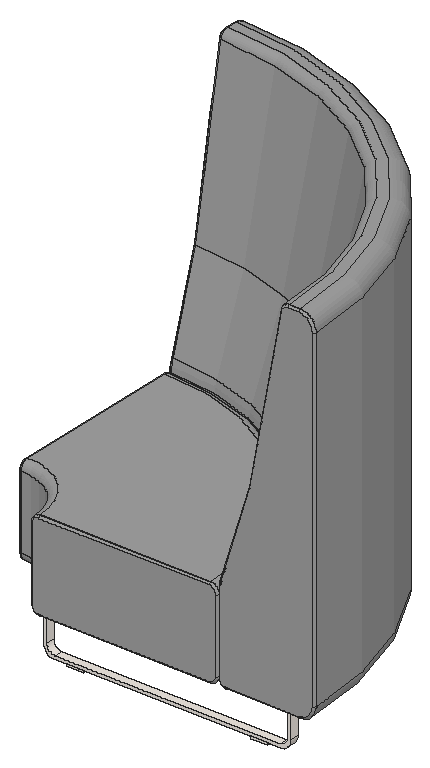
Revit family "Haworth_Riverbend_ConcaveBench90_AP_PRELIMINARY", category Furniture, Revit 2018 (continued)
Definition of nested family "Haworth_Riverbend_ConcaveBench90_Back-PART"
  Reference planes
    plane 64: y = -769.906
    plane 65: y = 146.181
    plane 66: y = -72.874
    plane 67: y = 146.181
  Forms (mm)
    Blend 1, solid, material <- "Back Upholstery Finish", visible <- "Mid Back"
      base sketch origin (-844.55, 366.279, -169.305) x (0, -1, 0) y (0, 0, 1)
        loop
          arc (270.098, 978.505) -> (219.328, 957.475) -> (198.298, 906.705) r 71.8
          line (198.298, 906.705) -> (198.298, 400.655)
          arc (198.298, 400.655) -> (212.123, 367.28) -> (245.498, 353.455) r 47.2
          line (245.498, 353.455) -> (465.714, 353.455)
          arc (465.714, 353.455) -> (483.674, 360.895) -> (491.114, 378.855) r 25.4
          line (491.114, 378.855) -> (491.114, 617.447)
          arc (491.114, 617.447) -> (488.857, 636.186) -> (484.326, 654.509) r 154.13
          line (484.326, 654.509) -> (400.608, 960.356)
          arc (400.608, 960.356) -> (378.416, 973.815) -> (352.89, 978.505) r 71.806
          line (352.89, 978.505) -> (270.098, 978.505)
      top sketch origin (-844.55, 366.279, -169.305) x (0, -1, 0) y (0, 0, 1)
        loop
          line (352.89, 972.155) -> (270.098, 972.155)
          arc (270.098, 972.155) -> (223.818, 952.985) -> (204.648, 906.705) r 65.45
          line (204.648, 906.705) -> (204.648, 400.655)
          arc (204.648, 400.655) -> (216.613, 371.77) -> (245.498, 359.805) r 40.85
          line (245.498, 359.805) -> (467.535, 359.805)
          arc (467.535, 359.805) -> (481.006, 365.385) -> (486.585, 378.855) r 19.05
          line (486.585, 378.855) -> (486.585, 626.065) -> (394.549, 957.187)
          arc (394.549, 957.187) -> (375.023, 968.3) -> (352.89, 972.155) r 65.456
      from -329.618 to -323.268
    Blend 2, solid, material <- "Back Upholstery Finish", visible <- "High Back"
      base sketch origin (-1550.81, 410.729, -169.305) x (0, -1, 0) y (0, 0, 1)
        loop
          line (242.748, 1412.935) -> (242.748, 400.655)
          arc (242.748, 400.655) -> (256.573, 367.28) -> (289.948, 353.455) r 47.2
          line (289.948, 353.455) -> (510.164, 353.455)
          arc (510.164, 353.455) -> (528.124, 360.895) -> (535.564, 378.855) r 25.4
          line (535.564, 378.855) -> (535.564, 617.447)
          arc (535.564, 617.447) -> (533.307, 636.186) -> (528.776, 654.509) r 154.13
          line (528.776, 654.509) -> (443.782, 925.723) -> (348.261, 1439.973)
          arc (348.261, 1439.973) -> (339.243, 1455.141) -> (322.636, 1461.105) r 26.102
          line (322.636, 1461.105) -> (290.918, 1461.105)
          arc (290.918, 1461.105) -> (256.857, 1446.996) -> (242.748, 1412.935) r 48.17
      top sketch origin (-1550.81, 410.729, -169.305) x (0, -1, 0) y (0, 0, 1)
        loop
          arc (290.918, 1454.755) -> (261.347, 1442.506) -> (249.098, 1412.935) r 41.82
          line (249.098, 1412.935) -> (249.098, 400.655)
          arc (249.098, 400.655) -> (261.063, 371.77) -> (289.948, 359.805) r 40.85
          line (289.948, 359.805) -> (511.985, 359.805)
          arc (511.985, 359.805) -> (525.456, 365.385) -> (531.035, 378.855) r 19.05
          line (531.035, 378.855) -> (531.035, 626.065) -> (437.616, 924.164) -> (342.027, 1438.764)
          arc (342.027, 1438.764) -> (335.203, 1450.242) -> (322.636, 1454.755) r 19.752
          line (322.636, 1454.755) -> (290.918, 1454.755)
      from -1035.878 to -1029.528
    Revolve 3, solid, material <- "Back Upholstery Finish", visible <- "Mid Back"
      sketch origin (-514.932, 0, 0) x (0, 1, 0) y (0, 0, 1)
        loop
          arc (167.981, 737.4) -> (146.951, 788.17) -> (96.181, 809.2) r 71.8
          line (96.181, 809.2) -> (13.389, 809.2)
          arc (13.389, 809.2) -> (-12.138, 804.51) -> (-34.329, 791.051) r 71.806
          line (-34.329, 791.051) -> (-118.047, 485.204)
          arc (-118.047, 485.204) -> (-122.578, 466.881) -> (-124.835, 448.142) r 154.13
          line (-124.835, 448.142) -> (-124.835, 209.55)
          arc (-124.835, 209.55) -> (-117.396, 191.589) -> (-99.435, 184.15) r 25.4
          line (-99.435, 184.15) -> (120.781, 184.15)
          arc (120.781, 184.15) -> (154.156, 197.975) -> (167.981, 231.35) r 47.2
          line (167.981, 231.35) -> (167.981, 737.4)
        axis (-863.469, 809.2) -> (-863.469, 184.15)
      angle from 0 to -90
    Blend 4, solid, material <- "Back Upholstery Finish", visible <- "Mid Back"
      base sketch origin (714.816, -1193.087, -169.305) x (-1, 0, 0) y (0, 0, -1)
        loop
          line (270.098, -978.505) -> (352.89, -978.505)
          arc (352.89, -978.505) -> (378.416, -973.815) -> (400.608, -960.356) r 71.806
          line (400.608, -960.356) -> (484.326, -654.509)
          arc (484.326, -654.509) -> (488.857, -636.186) -> (491.114, -617.447) r 154.13
          line (491.114, -617.447) -> (491.114, -378.855)
          arc (491.114, -378.855) -> (483.674, -360.895) -> (465.714, -353.455) r 25.4
          line (465.714, -353.455) -> (245.498, -353.455)
          arc (245.498, -353.455) -> (212.123, -367.28) -> (198.298, -400.655) r 47.2
          line (198.298, -400.655) -> (198.298, -906.705)
          arc (198.298, -906.705) -> (219.328, -957.475) -> (270.098, -978.505) r 71.8
      top sketch origin (714.816, -1193.087, -169.305) x (-1, 0, 0) y (0, 0, -1)
        loop
          arc (352.89, -972.155) -> (375.023, -968.3) -> (394.549, -957.187) r 65.456
          line (394.549, -957.187) -> (486.585, -626.065) -> (486.585, -378.855)
          arc (486.585, -378.855) -> (481.006, -365.385) -> (467.535, -359.805) r 19.05
          line (467.535, -359.805) -> (245.498, -359.805)
          arc (245.498, -359.805) -> (216.613, -371.77) -> (204.648, -400.655) r 40.85
          line (204.648, -400.655) -> (204.648, -906.705)
          arc (204.648, -906.705) -> (223.818, -952.985) -> (270.098, -972.155) r 65.45
          line (270.098, -972.155) -> (352.89, -972.155)
      from -329.618 to -323.268
    Revolve 5, solid, material <- "Back Upholstery Finish", visible <- "High Back"
      sketch origin (-514.932, 0, 0) x (0, 1, 0) y (0, 0, 1)
        loop
          arc (167.981, 1243.63) -> (153.872, 1277.691) -> (119.811, 1291.8) r 48.17
          line (119.811, 1291.8) -> (88.093, 1291.8)
          arc (88.093, 1291.8) -> (71.486, 1285.836) -> (62.468, 1270.668) r 26.102
          line (62.468, 1270.668) -> (-33.054, 756.418) -> (-118.047, 485.204)
          arc (-118.047, 485.204) -> (-122.578, 466.881) -> (-124.835, 448.142) r 154.13
          line (-124.835, 448.142) -> (-124.835, 209.55)
          arc (-124.835, 209.55) -> (-117.396, 191.589) -> (-99.435, 184.15) r 25.4
          line (-99.435, 184.15) -> (120.781, 184.15)
          arc (120.781, 184.15) -> (154.156, 197.975) -> (167.981, 231.35) r 47.2
          line (167.981, 231.35) -> (167.981, 1243.63)
        axis (-863.469, 1291.8) -> (-863.469, 184.15)
      angle from 0 to -90
    Blend 6, solid, material <- "Back Upholstery Finish", visible <- "High Back"
      base sketch origin (759.266, -1899.347, -169.305) x (-1, 0, 0) y (0, 0, -1)
        loop
          arc (242.748, -1412.935) -> (256.857, -1446.996) -> (290.918, -1461.105) r 48.17
          line (290.918, -1461.105) -> (322.636, -1461.105)
          arc (322.636, -1461.105) -> (339.243, -1455.141) -> (348.261, -1439.973) r 26.102
          line (348.261, -1439.973) -> (443.782, -925.723) -> (528.776, -654.509)
          arc (528.776, -654.509) -> (533.307, -636.186) -> (535.564, -617.447) r 154.13
          line (535.564, -617.447) -> (535.564, -378.855)
          arc (535.564, -378.855) -> (528.124, -360.895) -> (510.164, -353.455) r 25.4
          line (510.164, -353.455) -> (289.948, -353.455)
          arc (289.948, -353.455) -> (256.573, -367.28) -> (242.748, -400.655) r 47.2
          line (242.748, -400.655) -> (242.748, -1412.935)
      top sketch origin (759.266, -1899.347, -169.305) x (-1, 0, 0) y (0, 0, -1)
        loop
          line (290.918, -1454.755) -> (322.636, -1454.755)
          arc (322.636, -1454.755) -> (335.203, -1450.242) -> (342.027, -1438.764) r 19.752
          line (342.027, -1438.764) -> (437.616, -924.164) -> (531.035, -626.065) -> (531.035, -378.855)
          arc (531.035, -378.855) -> (525.456, -365.385) -> (511.985, -359.805) r 19.05
          line (511.985, -359.805) -> (289.948, -359.805)
          arc (289.948, -359.805) -> (261.063, -371.77) -> (249.098, -400.655) r 40.85
          line (249.098, -400.655) -> (249.098, -1412.935)
          arc (249.098, -1412.935) -> (261.347, -1442.506) -> (290.918, -1454.755) r 41.82
      from -1035.878 to -1029.528
  Lines and regions (mm)
    Masking region 1
      outline origin (0, 0, 457.2) x (-1, 0, 0) y (0, -1, 0)
        loop
          line (-223.675, 869.819) -> (-516.498, 869.819)
          arc (-516.498, 869.819) -> (-212.54, 135.998) -> (521.282, -167.961) r 1037.78
          line (521.282, -167.961) -> (521.282, 124.863)
          arc (521.282, 124.863) -> (-7.361, 341.176) -> (-223.675, 869.819) r 738.634
    symbolic lines, visible <- "Symbolic Line Controller", detail levels medium+fine
      curve 1: arc (223.702, -863.469, 457.2) -> (7.361, -341.176, 457.2) -> (-514.932, -124.835, 457.2) r 738.634
  Dimensions and locks
    "Actual Width": plane 4 "Left" to plane 5 "Right"
    locked: plane 8 "Top" to plane 9 "Top - Bottom of Chamfer Edge" at 6.35
    locked: plane 11 "Bottom - Top of Chamfer Edge" to plane 10 "Frame Bottom" at 6.35
    plane 8 "Top" to plane 10 "Frame Bottom" = 273.05 mm
    "Actual Height": plane 8 "Top" to plane 2 "Bottom"
    plane 8 "Top" to plane 2 "Bottom" = 457.2 mm
    "Width Straight Edge": plane 16 "Bench Frame - Inner Concave Tangent Edge No 2" to plane 18 "Bench Frame - Outer Concave Tangent Edge No 2"
    "Width Straight Edge": plane 17 "Bench Frame - Outer Concave Tangent Edge No 1" to plane 15 "Bench Frame - Inner Concave Tangent Edge No 1"
    equal spacing: plane 17 "Bench Frame - Outer Concave Tangent Edge No 1", plane 19 "Bench Frame - Center Side No 1", plane 15 "Bench Frame - Inner Concave Tangent Edge No 1"
    equal spacing: plane 16 "Bench Frame - Inner Concave Tangent Edge No 2", plane 20 "Bench Frame - Center Side No 2", plane 18 "Bench Frame - Outer Concave Tangent Edge No 2"
    plane 15 "Bench Frame - Inner Concave Tangent Edge No 1" to plane 21 "Bench Frame - Straight Edge No 2" = 177.8 mm
    plane 22 "Bench Frame - Straight Edge No 1" to plane 16 "Bench Frame - Inner Concave Tangent Edge No 2" = 177.8 mm
    plane 22 "Bench Frame - Straight Edge No 1" to plane 30 "Left - Top of Chamfer Edge" = 6.35 mm
    plane 31 "Right - Top of Chamfer Edge" to plane 21 "Bench Frame - Straight Edge No 2" = 6.35 mm
    plane 24 "Center Leg - Back of Leg Bracket" to plane 28 "Center Leg - Front of Leg Bracket" = 342.9 mm
    plane 16 "Bench Frame - Inner Concave Tangent Edge No 2" to plane 18 "Bench Frame - Outer Concave Tangent Edge No 2" = 860 mm
    aligned and locked: plane 30 "Left - Top of Chamfer Edge" to Blend 1
    aligned and locked: Blend 1 to plane 22 "Bench Frame - Straight Edge No 1"
    aligned and locked: plane 30 "Left - Top of Chamfer Edge" to Blend 2
  Automatic sketch dimensions
    Blend 2 sketch curve to plane 17 "Bench Frame - Outer Concave Tangent Edge No 1" = 0 mm
    Blend 2 sketch curve to plane 10 "Frame Bottom" = 0 mm
    plane 11 "Bottom - Top of Chamfer Edge" to Blend 2 sketch curve = 40.85 mm
    plane 23 "Left Leg - Back of Leg Bracket" to Blend 2 sketch curve = 18.477 mm  (x2)
    plane 38 to Blend 2 sketch curve = 3.716 mm  (x2)
    Blend 2 sketch curve to plane 35 = 21.459 mm
    plane 36 to Blend 2 sketch curve = 2.379 mm
    plane 37 to Blend 2 sketch curve = 13.663 mm
    Blend 2 sketch curve to plane 66 = 26.561 mm
    plane 8 "Top" to Blend 2 sketch curve = 28.004 mm
    Blend 2 sketch curve to plane 66 = 45.173 mm
    plane 10 "Frame Bottom" to Blend 2 sketch curve = 25.4 mm
    Blend 2 sketch curve to plane 9 "Top - Bottom of Chamfer Edge" = 11.737 mm
    Blend 2 sketch curve to Blend 2 sketch curve = 271.214 mm
    Blend 2 sketch curve to Blend 2 sketch curve = 487.212 mm
    Blend 2 sketch curve to Blend 2 sketch curve = 26.102 mm
    Blend 2 sketch curve to plane 11 "Bottom - Top of Chamfer Edge" = 0 mm
    Blend 2 sketch curve to plane 17 "Bench Frame - Outer Concave Tangent Edge No 1" = 6.35 mm
    plane 23 "Left Leg - Back of Leg Bracket" to Blend 2 sketch curve = 19.447 mm
    Blend 2 sketch curve to Blend 2 sketch curve = 19.391 mm
    plane 37 to Blend 2 sketch curve = 7.497 mm
    Blend 2 sketch curve to plane 66 = 28.383 mm
    Blend 2 sketch curve to plane 8 "Top" = 0.441 mm
    Blend 2 sketch curve to plane 66 = 47.433 mm
    plane 8 "Top" to Blend 2 sketch curve = 297.659 mm
    Blend 2 sketch curve to Blend 2 sketch curve = 488.771 mm
    Blend 2 sketch curve to Blend 2 sketch curve = 19.752 mm
    Revolve 5 sketch curve to plane 31 "Right - Top of Chamfer Edge" = 0 mm
    Revolve 5 sketch curve to plane 10 "Frame Bottom" = 0 mm
    Revolve 5 sketch curve to plane 17 "Bench Frame - Outer Concave Tangent Edge No 1" = 0 mm
    plane 11 "Bottom - Top of Chamfer Edge" to Revolve 5 sketch curve = 19.05 mm
    Revolve 5 sketch curve to plane 66 = 51.961 mm
    plane 8 "Top" to Revolve 5 sketch curve = 28.004 mm
    Revolve 5 sketch curve to Revolve 5 sketch curve = 6.788 mm
    plane 37 to Revolve 5 sketch curve = 13.663 mm
    plane 36 to Revolve 5 sketch curve = 2.379 mm
    Revolve 5 sketch curve to plane 35 = 21.459 mm
    plane 38 to Revolve 5 sketch curve = 3.716 mm
    plane 23 "Left Leg - Back of Leg Bracket" to Revolve 5 sketch curve = 18.477 mm
    plane 23 "Left Leg - Back of Leg Bracket" to Revolve 5 sketch curve = 19.447 mm
    Revolve 5 sketch curve to plane 9 "Top - Bottom of Chamfer Edge" = 11.737 mm
    Revolve 5 sketch curve to Revolve 5 sketch curve = 271.214 mm
    Revolve 5 sketch curve to Revolve 5 sketch curve = 487.212 mm
    Revolve 5 sketch curve to Revolve 5 sketch curve = 26.102 mm
    plane 8 "Top" to Revolve 5 sketch curve = 425.45 mm
    Revolve 5 sketch curve to Revolve 5 sketch curve = 88.9 mm
    Blend 6 sketch curve to plane 18 "Bench Frame - Outer Concave Tangent Edge No 2" = 0 mm
    Blend 6 sketch curve to plane 10 "Frame Bottom" = 0 mm
    plane 11 "Bottom - Top of Chamfer Edge" to Blend 6 sketch curve = 40.85 mm
    plane 25 "Right Leg - Back of Leg Bracket" to Blend 6 sketch curve = 18.477 mm  (x2)
    plane 57 to Blend 6 sketch curve = 3.716 mm  (x2)
    Blend 6 sketch curve to plane 56 = 21.459 mm
    plane 55 to Blend 6 sketch curve = 2.379 mm
    plane 54 to Blend 6 sketch curve = 13.663 mm
    plane 54 to Blend 6 sketch curve = 80.044 mm
    plane 8 "Top" to Blend 6 sketch curve = 28.004 mm
    plane 54 to Blend 6 sketch curve = 98.656 mm
    Blend 6 sketch curve to Blend 6 sketch curve = 25.4 mm
    Blend 6 sketch curve to Blend 6 sketch curve = 271.214 mm
    Blend 6 sketch curve to Blend 6 sketch curve = 487.212 mm
    Blend 6 sketch curve to Blend 6 sketch curve = 26.102 mm
    Blend 6 sketch curve to plane 9 "Top - Bottom of Chamfer Edge" = 2.708 mm
    Blend 6 sketch curve to plane 11 "Bottom - Top of Chamfer Edge" = 0 mm
    Blend 6 sketch curve to plane 18 "Bench Frame - Outer Concave Tangent Edge No 2" = 6.35 mm
    plane 25 "Right Leg - Back of Leg Bracket" to Blend 6 sketch curve = 19.447 mm
    Blend 6 sketch curve to Blend 6 sketch curve = 19.391 mm
    plane 54 to Blend 6 sketch curve = 7.497 mm
    plane 54 to Blend 6 sketch curve = 81.865 mm
    Blend 6 sketch curve to plane 8 "Top" = 0.441 mm
    plane 54 to Blend 6 sketch curve = 100.915 mm
    plane 8 "Top" to Blend 6 sketch curve = 297.659 mm
    Blend 6 sketch curve to Blend 6 sketch curve = 488.771 mm
    Blend 6 sketch curve to Blend 6 sketch curve = 19.752 mm
    plane 54 to curve 1 = 105.444 mm
    Blend 4 sketch curve to plane 18 "Bench Frame - Outer Concave Tangent Edge No 2" = 0 mm
    Blend 4 sketch curve to plane 10 "Frame Bottom" = 0 mm
    plane 25 "Right Leg - Back of Leg Bracket" to Blend 4 sketch curve = 19.447 mm  (x2)
    Blend 4 sketch curve to plane 57 = 4.372 mm  (x2)
    plane 55 to Blend 4 sketch curve = 2.379 mm
    plane 54 to Blend 4 sketch curve = 80.044 mm
    plane 8 "Top" to Blend 4 sketch curve = 28.004 mm
    plane 54 to Blend 4 sketch curve = 98.656 mm
    plane 10 "Frame Bottom" to Blend 4 sketch curve = 25.4 mm
    plane 8 "Top" to Blend 4 sketch curve = 280.194 mm  (x2)
    Blend 4 sketch curve to Blend 4 sketch curve = 0.006 mm  (x2)
    Blend 4 sketch curve to plane 9 "Top - Bottom of Chamfer Edge" = 2.708 mm
    plane 54 to Blend 4 sketch curve = 14.938 mm
    Blend 4 sketch curve to plane 54 = 32.78 mm  (x2)
    Blend 4 sketch curve to plane 18 "Bench Frame - Outer Concave Tangent Edge No 2" = 6.35 mm
    plane 11 "Bottom - Top of Chamfer Edge" to Blend 4 sketch curve = 19.05 mm
    plane 54 to Blend 4 sketch curve = 81.865 mm
    Blend 4 sketch curve to plane 8 "Top" = 0.441 mm
    plane 54 to Blend 4 sketch curve = 8.879 mm
    Revolve 3 sketch curve to plane 31 "Right - Top of Chamfer Edge" = 0 mm
    Revolve 3 sketch curve to plane 10 "Frame Bottom" = 0 mm
    Revolve 3 sketch curve to plane 17 "Bench Frame - Outer Concave Tangent Edge No 1" = 0 mm
    Revolve 3 sketch curve to plane 9 "Top - Bottom of Chamfer Edge" = 2.708 mm
    Revolve 3 sketch curve to plane 66 = 51.961 mm
    plane 8 "Top" to Revolve 3 sketch curve = 28.004 mm
    Revolve 3 sketch curve to Revolve 3 sketch curve = 6.788 mm
    plane 11 "Bottom - Top of Chamfer Edge" to Revolve 3 sketch curve = 19.05 mm
    plane 36 to Revolve 3 sketch curve = 2.379 mm
    Revolve 3 sketch curve to plane 38 = 4.372 mm
    plane 11 "Bottom - Top of Chamfer Edge" to Revolve 3 sketch curve = 40.85 mm
    plane 8 "Top" to Revolve 3 sketch curve = 280.194 mm
    Revolve 3 sketch curve to Revolve 3 sketch curve = 0.006 mm
    plane 37 to Revolve 3 sketch curve = 14.938 mm
    plane 8 "Top" to Revolve 3 sketch curve = 12.7 mm
    Revolve 3 sketch curve to Revolve 3 sketch curve = 44.45 mm
    plane 35 to Revolve 3 sketch curve = 27.62 mm
    Blend 1 sketch curve to plane 17 "Bench Frame - Outer Concave Tangent Edge No 1" = 0 mm
    Blend 1 sketch curve to plane 10 "Frame Bottom" = 0 mm
    plane 23 "Left Leg - Back of Leg Bracket" to Blend 1 sketch curve = 19.447 mm
    Blend 1 sketch curve to plane 38 = 4.372 mm  (x2)
    plane 36 to Blend 1 sketch curve = 2.379 mm
    Blend 1 sketch curve to plane 66 = 26.561 mm
    Blend 1 sketch curve to plane 66 = 45.173 mm
    plane 10 "Frame Bottom" to Blend 1 sketch curve = 25.4 mm
    Blend 1 sketch curve to plane 9 "Top - Bottom of Chamfer Edge" = 11.737 mm
    Blend 1 sketch curve to plane 9 "Top - Bottom of Chamfer Edge" = 2.708 mm
    plane 8 "Top" to Blend 1 sketch curve = 280.194 mm  (x2)
    Blend 1 sketch curve to Blend 1 sketch curve = 0.006 mm  (x2)
    plane 37 to Blend 1 sketch curve = 14.938 mm
    plane 35 to Blend 1 sketch curve = 27.62 mm  (x2)
    Blend 1 sketch curve to plane 11 "Bottom - Top of Chamfer Edge" = 0 mm
    Blend 1 sketch curve to plane 17 "Bench Frame - Outer Concave Tangent Edge No 1" = 6.35 mm
    Blend 1 sketch curve to Blend 1 sketch curve = 40.85 mm
    Blend 1 sketch curve to plane 66 = 28.383 mm
    Blend 1 sketch curve to plane 8 "Top" = 0.441 mm
    Blend 1 sketch curve to plane 66 = 47.433 mm
    plane 37 to Blend 1 sketch curve = 8.879 mm
    curve 1 to plane 30 "Left - Top of Chamfer Edge" = 0 mm
    curve 1 to plane 31 "Right - Top of Chamfer Edge" = 0 mm
    Masking region 1 sketch curve to plane 21 "Bench Frame - Straight Edge No 2" = 0 mm
    plane 3 "Center L/R" to Masking region 1 sketch curve = 0 mm
    Masking region 1 sketch curve to plane 30 "Left - Top of Chamfer Edge" = 0 mm
    Masking region 1 sketch curve to plane 22 "Bench Frame - Straight Edge No 1" = 0 mm
    plane 54 to Masking region 1 sketch curve = 105.471 mm
    Masking region 1 sketch curve to plane 17 "Bench Frame - Outer Concave Tangent Edge No 1" = 0.02 mm
    Blend 4 sketch curve to plane 11 "Bottom - Top of Chamfer Edge" = 0 mm
Definition of nested family "Haworth_Riverbend_ConcaveBench90_Large_Seat-PART"
  Parameters (values of type "Large Seat - PART")
    Width Straight Edge = 900 mm  # constant formula
    Warranty = "http://www.haworth.com/resources/product-info/warranties"
    URL - Product = "http://www.haworth.com/products/seating/sofas/riverbend-pebble"
    Trim Finish [instance] = none
    Symbolic Line Controller = not(No Back)  # no
    Seat Upholstery Finish [instance] = none
    No Back = yes
    Mid Back = yes
    Model = "Haworth - Riverbend"  # constant formula
    High Back = yes
    Description = "Haworth - Riverbend - Concave Bench 90 Degree - Seat - PART"  # constant formula
    URL = "http://www.haworth.com"
    Size = "Verify Final Dim. w/ Haworth"  # constant formula
    Revision Number = "1"  # constant formula
    Manufacturer = "Haworth"  # constant formula
    Depth = 838.2 mm  # constant formula
    Back Upholstery Finish [instance] = none
    Author = "Haworth (Bentzen, Abd Rahman)"  # constant formula
    Assembly Code = "E2020200"
    Actual Width = 1430 mm  # constant formula
    Actual Height = 457.2 mm
  Reference planes
    plane 1 "Center F/B": through (-202.604, -339.808, 0) normal (-0.7071, -0.7071, 0)
    plane 2 "Bottom": z = 0
    plane 3 "Center L/R": through (55.102, -293.435, 0) normal (0.7071, -0.7071, 0)
    plane 4 "Left": through (-1165.05, -503.938, 1219.2) normal (-0.7071, 0.7071, 0)
    plane 5 "Right": through (1245.903, -115.309, 1219.2) normal (0.7071, -0.7071, 0)
    plane 6 "Frame Back": through (-736.346, 786.631, 1219.2) normal (0.7071, 0.7071, 0)
    plane 7 "Chair Front": through (-1384.552, 177.6, 1219.2) normal (0.7071, 0.7071, 0)
    plane 8 "Top": z = 457.2
    plane 9 "Top - Bottom of Chamfer Edge": z = 450.85
    plane 10 "Frame Bottom": z = 184.15
    plane 11 "Bottom - Top of Chamfer Edge": z = 190.5
    plane 12 "Leg Bracket - Bottom": z = 177.8
    plane 13 "Leg Bottom - Top of Bottom": z = 15.875
    plane 14 "Foot - Top of Foot": z = 6.35
    plane 15 "Bench Frame - Inner Concave Tangent Edge No 1": y = -692.019
    plane 16 "Bench Frame - Inner Concave Tangent Edge No 2": x = -343.482
    plane 17 "Bench Frame - Outer Concave Tangent Edge No 1": y = 207.981
    plane 18 "Bench Frame - Outer Concave Tangent Edge No 2": x = 556.518
    plane 19 "Bench Frame - Center Side No 1": y = -242.019
    plane 20 "Bench Frame - Center Side No 2": x = 106.518
    plane 21 "Bench Frame - Straight Edge No 2": y = -869.819
    plane 22 "Bench Frame - Straight Edge No 1": x = -521.282
    plane 23 "Left Leg - Back of Leg Bracket": y = 101.334
    plane 24 "Center Leg - Back of Leg Bracket": through (-1397.206, 1382.59, 1219.2) normal (0.7071, 0.7071, 0)
    plane 25 "Right Leg - Back of Leg Bracket": x = 449.871
    plane 26 "Left Leg - Front of Leg Bracket": y = -647.169
    plane 27 "Right Leg - Front of Leg Bracket": x = -298.635
    plane 28 "Center Leg - Front of Leg Bracket": through (-84.793, -414.757, 1219.2) normal (0.7071, 0.7071, 0)
    plane 29: through (-1705.143, 496.713, 1219.2) normal (-0.7071, 0.7071, 0)
    plane 30 "Left - Top of Chamfer Edge": x = -514.932
    plane 31 "Right - Top of Chamfer Edge": y = -863.469
    plane 32 "Leg Left - Left of Leg Bracket": x = -481.694
    plane 33 "Right Left - Right of Leg Bracket": y = -830.231
    plane 34: through (127.455, -155.542, 1219.2) normal (0.7071, 0.7071, 0)
    plane 35: y = 41.009
    plane 36: y = 31.409
    plane 37: y = -19.391
    plane 38: y = 91.809
    plane 39: y = -526.441
    plane 40: y = -577.241
    plane 41: y = -586.841
    plane 42: y = -637.641
    plane 43: through (-77.752, -408.329, 1219.2) normal (-0.7071, -0.7071, 0)
    plane 44: through (-41.831, -372.408, 1219.2) normal (-0.7071, -0.7071, 0)
    plane 45: through (-35.042, -365.619, 1219.2) normal (-0.7071, -0.7071, 0)
    plane 46: through (0.879, -329.698, 1219.2) normal (-0.7071, -0.7071, 0)
    plane 47: through (72.615, -257.962, 1219.2) normal (-0.7071, -0.7071, 0)
    plane 48: through (108.536, -222.041, 1219.2) normal (-0.7071, -0.7071, 0)
    plane 49: through (115.324, -215.253, 1219.2) normal (-0.7071, -0.7071, 0)
    plane 50: x = -289.104
    plane 51: x = -238.304
    plane 52: x = -228.704
    plane 53: x = -177.904
    plane 54: x = 329.146
    plane 55: x = 379.946
    plane 56: x = 389.546
    plane 57: x = 440.346
    plane 58: x = -456.294
    plane 59: y = -804.831
    plane 60: through (157.98, -172.597, 1219.2) normal (-0.7071, 0.7071, 0)
    plane 61: through (175.94, -190.557, 1219.2) normal (-0.7071, 0.7071, 0)
    plane 62: x = -421.369
    plane 63: through (0.825, -415.064, 1219.2) normal (0.7071, -0.7071, 0)
    plane 64: y = -769.906
    plane 65: y = 146.181
    plane 66: y = -72.874
    plane 67: y = 146.181
  Forms (mm)
    Blend 1, solid, material <- "Seat Upholstery Finish", visible <- "No Back"
      base sketch origin (104.632, -869.819, 0) x (1, 0, 0) y (0, 0, 1)
        loop
          arc (-422.714, 450.85) -> (-436.184, 445.27) -> (-441.764, 431.8) r 19.05
          line (-441.764, 431.8) -> (-441.764, 209.55)
          arc (-441.764, 209.55) -> (-436.184, 196.08) -> (-422.714, 190.5) r 19.05
          line (-422.714, 190.5) -> (364.686, 190.5)
          arc (364.686, 190.5) -> (421.856, 214.18) -> (445.536, 271.35) r 80.85
          line (445.536, 271.35) -> (445.536, 370)
          arc (445.536, 370) -> (421.856, 427.17) -> (364.686, 450.85) r 80.85
          line (364.686, 450.85) -> (-422.714, 450.85)
      top sketch origin (104.632, -869.819, 0) x (1, 0, 0) y (0, 0, 1)
        loop
          arc (-422.714, 457.2) -> (-440.675, 449.761) -> (-448.114, 431.8) r 25.4
          line (-448.114, 431.8) -> (-448.114, 209.55)
          arc (-448.114, 209.55) -> (-440.675, 191.589) -> (-422.714, 184.15) r 25.4
          line (-422.714, 184.15) -> (364.686, 184.15)
          arc (364.686, 184.15) -> (426.346, 209.69) -> (451.886, 271.35) r 87.2
          line (451.886, 271.35) -> (451.886, 370)
          arc (451.886, 370) -> (426.346, 431.66) -> (364.686, 457.2) r 87.2
          line (364.686, 457.2) -> (-422.714, 457.2)
      from 0 to -6.35
    Revolve 2, solid, material <- "Seat Upholstery Finish", visible <- "No Back"
      sketch origin (-2381.25, -863.469, 0) x (-1, 0, 0) y (0, 0, 1)
        loop
          arc (-2037.768, 431.8) -> (-2045.207, 449.761) -> (-2063.168, 457.2) r 25.4
          line (-2063.168, 457.2) -> (-2850.568, 457.2)
          arc (-2850.568, 457.2) -> (-2912.228, 431.66) -> (-2937.768, 370) r 87.2
          line (-2937.768, 370) -> (-2937.768, 271.35)
          arc (-2937.768, 271.35) -> (-2912.228, 209.69) -> (-2850.568, 184.15) r 87.2
          line (-2850.568, 184.15) -> (-2063.168, 184.15)
          arc (-2063.168, 184.15) -> (-2045.207, 191.589) -> (-2037.768, 209.55) r 25.4
          line (-2037.768, 209.55) -> (-2037.768, 431.8)
        axis (-1866.318, 457.2) -> (-1866.318, 184.15)
      angle from 270 to 360
    Blend 3, solid, material <- "Seat Upholstery Finish", visible <- "Symbolic Line Controller"
      base sketch origin (-521.282, -572.949, 0) x (0, -1, 0) y (0, 0, 1)
        loop
          arc (-422.714, 450.85) -> (-436.184, 445.27) -> (-441.764, 431.8) r 19.05
          line (-441.764, 431.8) -> (-441.764, 209.55)
          arc (-441.764, 209.55) -> (-436.184, 196.08) -> (-422.714, 190.5) r 19.05
          line (-422.714, 190.5) -> (93.67, 190.5)
          arc (93.67, 190.5) -> (107.14, 196.08) -> (112.72, 209.55) r 19.05
          line (112.72, 209.55) -> (112.72, 431.8)
          arc (112.72, 431.8) -> (107.14, 445.27) -> (93.67, 450.85) r 19.05
          line (93.67, 450.85) -> (-422.714, 450.85)
      top sketch origin (-521.282, -572.949, 0) x (0, -1, 0) y (0, 0, 1)
        loop
          arc (-422.714, 457.2) -> (-440.675, 449.761) -> (-448.114, 431.8) r 25.4
          line (-448.114, 431.8) -> (-448.114, 209.55)
          arc (-448.114, 209.55) -> (-440.675, 191.589) -> (-422.714, 184.15) r 25.4
          line (-422.714, 184.15) -> (93.67, 184.15)
          arc (93.67, 184.15) -> (111.63, 191.589) -> (119.07, 209.55) r 25.4
          line (119.07, 209.55) -> (119.07, 431.8)
          arc (119.07, 431.8) -> (111.63, 449.761) -> (93.67, 457.2) r 25.4
          line (93.67, 457.2) -> (-422.714, 457.2)
      from 0 to -6.35
    Revolve 4, solid, material <- "Seat Upholstery Finish", visible <- "Symbolic Line Controller"
      sketch origin (-2381.25, -863.469, 0) x (-1, 0, 0) y (0, 0, 1)
        loop
          arc (-2037.768, 431.8) -> (-2045.207, 449.761) -> (-2063.168, 457.2) r 25.4
          line (-2063.168, 457.2) -> (-2579.552, 457.2)
          arc (-2579.552, 457.2) -> (-2597.512, 449.761) -> (-2604.952, 431.8) r 25.4
          line (-2604.952, 431.8) -> (-2604.952, 209.55)
          arc (-2604.952, 209.55) -> (-2597.512, 191.589) -> (-2579.552, 184.15) r 25.4
          line (-2579.552, 184.15) -> (-2063.168, 184.15)
          arc (-2063.168, 184.15) -> (-2045.207, 191.589) -> (-2037.768, 209.55) r 25.4
          line (-2037.768, 209.55) -> (-2037.768, 431.8)
        axis (-1866.318, 457.2) -> (-1866.318, 184.15)
      angle from 270 to 360
    Blend 5, solid, material <- "Seat Upholstery Finish", visible <- "No Back"
      base sketch origin (-521.282, -243.905, 0) x (0, 1, 0) y (0, 0, -1)
        loop
          line (-422.714, -450.85) -> (364.686, -450.85)
          arc (364.686, -450.85) -> (421.856, -427.17) -> (445.536, -370) r 80.85
          line (445.536, -370) -> (445.536, -271.35)
          arc (445.536, -271.35) -> (421.856, -214.18) -> (364.686, -190.5) r 80.85
          line (364.686, -190.5) -> (-422.714, -190.5)
          arc (-422.714, -190.5) -> (-436.184, -196.08) -> (-441.764, -209.55) r 19.05
          line (-441.764, -209.55) -> (-441.764, -431.8)
          arc (-441.764, -431.8) -> (-436.184, -445.27) -> (-422.714, -450.85) r 19.05
      top sketch origin (-521.282, -243.905, 0) x (0, 1, 0) y (0, 0, -1)
        loop
          line (-422.714, -457.2) -> (364.686, -457.2)
          arc (364.686, -457.2) -> (426.346, -431.66) -> (451.886, -370) r 87.2
          line (451.886, -370) -> (451.886, -271.35)
          arc (451.886, -271.35) -> (426.346, -209.69) -> (364.686, -184.15) r 87.2
          line (364.686, -184.15) -> (-422.714, -184.15)
          arc (-422.714, -184.15) -> (-440.675, -191.589) -> (-448.114, -209.55) r 25.4
          line (-448.114, -209.55) -> (-448.114, -431.8)
          arc (-448.114, -431.8) -> (-440.675, -449.761) -> (-422.714, -457.2) r 25.4
      from 0 to -6.35
    Blend 6, solid, material <- "Seat Upholstery Finish", visible <- "Symbolic Line Controller"
      base sketch origin (-224.412, -869.819, 0) x (-1, 0, 0) y (0, 0, -1)
        loop
          line (-422.714, -450.85) -> (93.67, -450.85)
          arc (93.67, -450.85) -> (107.14, -445.27) -> (112.72, -431.8) r 19.05
          line (112.72, -431.8) -> (112.72, -209.55)
          arc (112.72, -209.55) -> (107.14, -196.08) -> (93.67, -190.5) r 19.05
          line (93.67, -190.5) -> (-422.714, -190.5)
          arc (-422.714, -190.5) -> (-436.184, -196.08) -> (-441.764, -209.55) r 19.05
          line (-441.764, -209.55) -> (-441.764, -431.8)
          arc (-441.764, -431.8) -> (-436.184, -445.27) -> (-422.714, -450.85) r 19.05
      top sketch origin (-224.412, -869.819, 0) x (-1, 0, 0) y (0, 0, -1)
        loop
          line (-422.714, -457.2) -> (93.67, -457.2)
          arc (93.67, -457.2) -> (111.63, -449.761) -> (119.07, -431.8) r 25.4
          line (119.07, -431.8) -> (119.07, -209.55)
          arc (119.07, -209.55) -> (111.63, -191.589) -> (93.67, -184.15) r 25.4
          line (93.67, -184.15) -> (-422.714, -184.15)
          arc (-422.714, -184.15) -> (-440.675, -191.589) -> (-448.114, -209.55) r 25.4
          line (-448.114, -209.55) -> (-448.114, -431.8)
          arc (-448.114, -431.8) -> (-440.675, -449.761) -> (-422.714, -457.2) r 25.4
      from 0 to -6.35
  Lines and regions (mm)
    Masking region 1
      outline origin (0, 0, 457.2) x (-1, 0, 0) y (0, -1, 0)
        loop
          line (521.282, -207.981) -> (521.282, 692.019)
          arc (521.282, 692.019) -> (395.558, 744.096) -> (343.482, 869.819) r 177.8
          line (343.482, 869.819) -> (-556.518, 869.819)
          arc (-556.518, 869.819) -> (-240.838, 107.7) -> (521.282, -207.981) r 1077.8
    symbolic lines, visible <- "Symbolic Line Controller", detail levels medium+fine
      curve 1: arc (223.702, -863.469, 457.2) -> (7.361, -341.176, 457.2) -> (-514.932, -124.835, 457.2) r 738.634
  Dimensions and locks
    "Actual Width": plane 4 "Left" to plane 5 "Right"
    locked: plane 8 "Top" to plane 9 "Top - Bottom of Chamfer Edge" at 6.35
    locked: plane 11 "Bottom - Top of Chamfer Edge" to plane 10 "Frame Bottom" at 6.35
    plane 8 "Top" to plane 10 "Frame Bottom" = 273.05 mm
    "Actual Height": plane 8 "Top" to plane 2 "Bottom"
    plane 8 "Top" to plane 2 "Bottom" = 457.2 mm
    "Width Straight Edge": plane 16 "Bench Frame - Inner Concave Tangent Edge No 2" to plane 18 "Bench Frame - Outer Concave Tangent Edge No 2"
    "Width Straight Edge": plane 17 "Bench Frame - Outer Concave Tangent Edge No 1" to plane 15 "Bench Frame - Inner Concave Tangent Edge No 1"
    equal spacing: plane 17 "Bench Frame - Outer Concave Tangent Edge No 1", plane 19 "Bench Frame - Center Side No 1", plane 15 "Bench Frame - Inner Concave Tangent Edge No 1"
    equal spacing: plane 16 "Bench Frame - Inner Concave Tangent Edge No 2", plane 20 "Bench Frame - Center Side No 2", plane 18 "Bench Frame - Outer Concave Tangent Edge No 2"
    plane 15 "Bench Frame - Inner Concave Tangent Edge No 1" to plane 21 "Bench Frame - Straight Edge No 2" = 177.8 mm
    plane 22 "Bench Frame - Straight Edge No 1" to plane 16 "Bench Frame - Inner Concave Tangent Edge No 2" = 177.8 mm
    plane 22 "Bench Frame - Straight Edge No 1" to plane 30 "Left - Top of Chamfer Edge" = 6.35 mm
    plane 31 "Right - Top of Chamfer Edge" to plane 21 "Bench Frame - Straight Edge No 2" = 6.35 mm
    plane 24 "Center Leg - Back of Leg Bracket" to plane 28 "Center Leg - Front of Leg Bracket" = 342.9 mm
    plane 16 "Bench Frame - Inner Concave Tangent Edge No 2" to plane 18 "Bench Frame - Outer Concave Tangent Edge No 2" = 900 mm
    aligned and locked: Blend 1 to plane 21 "Bench Frame - Straight Edge No 2"
    aligned and locked: plane 31 "Right - Top of Chamfer Edge" to Revolve 2  (x2)
    aligned and locked: Revolve 2 to plane 30 "Left - Top of Chamfer Edge"
    aligned and locked: plane 30 "Left - Top of Chamfer Edge" to Revolve 2
    aligned and locked: plane 31 "Right - Top of Chamfer Edge" to Blend 1
    aligned and locked: Revolve 2 to plane 8 "Top"
    aligned and locked: Revolve 2 to plane 10 "Frame Bottom"
    aligned and locked: Revolve 4 sketch curve to Blend 6
  Automatic sketch dimensions
    curve 1 to plane 31 "Right - Top of Chamfer Edge" = 0 mm
    curve 1 to plane 30 "Left - Top of Chamfer Edge" = 0 mm
    plane 54 to curve 1 = 105.444 mm
    Blend 1 sketch curve to plane 11 "Bottom - Top of Chamfer Edge" = 0 mm
    Blend 1 sketch curve to plane 9 "Top - Bottom of Chamfer Edge" = 0 mm
    plane 16 "Bench Frame - Inner Concave Tangent Edge No 2" to Blend 1 sketch curve = 6.35 mm
    Blend 1 sketch curve to plane 27 "Right Leg - Front of Leg Bracket" = 19.447 mm  (x2)
    Blend 1 sketch curve to plane 9 "Top - Bottom of Chamfer Edge" = 19.05 mm  (x2)
    plane 25 "Right Leg - Back of Leg Bracket" to Blend 1 sketch curve = 19.447 mm  (x4)
    Blend 1 sketch curve to plane 18 "Bench Frame - Outer Concave Tangent Edge No 2" = 6.35 mm
    Blend 1 sketch curve to plane 16 "Bench Frame - Inner Concave Tangent Edge No 2" = 0 mm
    Blend 1 sketch curve to plane 10 "Frame Bottom" = 0 mm
    Blend 1 sketch curve to plane 8 "Top" = 0 mm
    Blend 1 sketch curve to plane 18 "Bench Frame - Outer Concave Tangent Edge No 2" = 0 mm
    Revolve 2 sketch curve to plane 18 "Bench Frame - Outer Concave Tangent Edge No 2" = 0 mm
    Revolve 2 sketch curve to plane 8 "Top" = 0 mm
    Revolve 2 sketch curve to plane 10 "Frame Bottom" = 0 mm
    Revolve 2 sketch curve to plane 16 "Bench Frame - Inner Concave Tangent Edge No 2" = 0 mm
    Revolve 2 sketch curve to plane 30 "Left - Top of Chamfer Edge" = 0 mm
    plane 25 "Right Leg - Back of Leg Bracket" to Revolve 2 sketch curve = 19.447 mm  (x2)
    Revolve 2 sketch curve to plane 27 "Right Leg - Front of Leg Bracket" = 19.447 mm  (x2)
    Revolve 2 sketch curve to plane 12 "Leg Bracket - Bottom" = 57.44 mm
    plane 8 "Top" to Revolve 2 sketch curve = 117.263 mm
    Blend 3 sketch curve to plane 9 "Top - Bottom of Chamfer Edge" = 0 mm
    Blend 3 sketch curve to plane 11 "Bottom - Top of Chamfer Edge" = 0 mm
    plane 11 "Bottom - Top of Chamfer Edge" to Blend 3 sketch curve = 19.05 mm  (x3)
    Blend 3 sketch curve to plane 66 = 58.311 mm
    Blend 3 sketch curve to Blend 3 sketch curve = 19.05 mm
    Blend 3 sketch curve to plane 26 "Left Leg - Front of Leg Bracket" = 19.45 mm  (x2)
    plane 15 "Bench Frame - Inner Concave Tangent Edge No 1" to Blend 3 sketch curve = 6.35 mm
    Blend 3 sketch curve to plane 10 "Frame Bottom" = 0 mm
    Blend 3 sketch curve to plane 8 "Top" = 0 mm
    Blend 3 sketch curve to plane 15 "Bench Frame - Inner Concave Tangent Edge No 1" = 0 mm
    Blend 3 sketch curve to plane 9 "Top - Bottom of Chamfer Edge" = 19.05 mm
    Blend 3 sketch curve to plane 66 = 77.361 mm  (x2)
    Revolve 4 sketch curve to plane 8 "Top" = 0 mm
    Revolve 4 sketch curve to plane 10 "Frame Bottom" = 0 mm
    Revolve 4 sketch curve to plane 16 "Bench Frame - Inner Concave Tangent Edge No 2" = 0 mm
    Revolve 4 sketch curve to plane 30 "Left - Top of Chamfer Edge" = 0 mm
    plane 11 "Bottom - Top of Chamfer Edge" to Revolve 4 sketch curve = 19.05 mm  (x2)
    Revolve 4 sketch curve to plane 9 "Top - Bottom of Chamfer Edge" = 19.05 mm  (x2)
    Revolve 4 sketch curve to plane 12 "Leg Bracket - Bottom" = 57.44 mm
    plane 8 "Top" to Revolve 4 sketch curve = 117.263 mm
    Blend 5 sketch curve to plane 11 "Bottom - Top of Chamfer Edge" = 0 mm
    Blend 5 sketch curve to plane 9 "Top - Bottom of Chamfer Edge" = 0 mm
    plane 15 "Bench Frame - Inner Concave Tangent Edge No 1" to Blend 5 sketch curve = 6.35 mm
    Blend 5 sketch curve to plane 26 "Left Leg - Front of Leg Bracket" = 19.45 mm  (x2)
    Blend 5 sketch curve to plane 9 "Top - Bottom of Chamfer Edge" = 19.05 mm  (x2)
    plane 23 "Left Leg - Back of Leg Bracket" to Blend 5 sketch curve = 19.447 mm  (x4)
    Blend 5 sketch curve to plane 17 "Bench Frame - Outer Concave Tangent Edge No 1" = 6.35 mm
    Blend 5 sketch curve to plane 15 "Bench Frame - Inner Concave Tangent Edge No 1" = 0 mm
    Blend 5 sketch curve to plane 10 "Frame Bottom" = 0 mm
    Blend 5 sketch curve to plane 8 "Top" = 0 mm
    Blend 5 sketch curve to plane 17 "Bench Frame - Outer Concave Tangent Edge No 1" = 0 mm
    Blend 6 sketch curve to plane 9 "Top - Bottom of Chamfer Edge" = 0 mm
    Blend 6 sketch curve to plane 11 "Bottom - Top of Chamfer Edge" = 0 mm
    plane 11 "Bottom - Top of Chamfer Edge" to Blend 6 sketch curve = 19.05 mm  (x3)
    plane 20 "Bench Frame - Center Side No 2" to Blend 6 sketch curve = 110.834 mm
    Blend 6 sketch curve to plane 9 "Top - Bottom of Chamfer Edge" = 19.05 mm  (x2)
    Blend 6 sketch curve to plane 27 "Right Leg - Front of Leg Bracket" = 19.447 mm  (x2)
    plane 16 "Bench Frame - Inner Concave Tangent Edge No 2" to Blend 6 sketch curve = 6.35 mm
    Blend 6 sketch curve to plane 10 "Frame Bottom" = 0 mm
    Blend 6 sketch curve to plane 8 "Top" = 0 mm
    Blend 6 sketch curve to plane 16 "Bench Frame - Inner Concave Tangent Edge No 2" = 0 mm
    plane 20 "Bench Frame - Center Side No 2" to Blend 6 sketch curve = 91.784 mm  (x2)
    Masking region 1 sketch curve to plane 18 "Bench Frame - Outer Concave Tangent Edge No 2" = 0 mm
    Masking region 1 sketch curve to plane 21 "Bench Frame - Straight Edge No 2" = 0 mm
    Masking region 1 sketch curve to plane 16 "Bench Frame - Inner Concave Tangent Edge No 2" = 0 mm
    Masking region 1 sketch curve to plane 17 "Bench Frame - Outer Concave Tangent Edge No 1" = 0 mm
Types (6, lengths in mm): name | Width Straight Edge | Symbolic Line Controller | Small | No Back | Mid Back | Low | Large | High Back | High | Actual Height | Actual Depth
  1430w x 860d x 390h - No Back | 860 | no | yes | yes | no | yes | no | no | no | 390 | 860
  1430w x 860d x 450h - Mid Back | 860 | yes | yes | no | yes | no | no | no | yes | 450 | 860
  1430w x 900d x 390h - High Back | 900 | yes | no | no | no | yes | yes | yes | no | 390 | 900
  1430w x 900d x 450h - Mid Back | 900 | yes | no | no | yes | no | yes | no | yes | 450 | 900
  1430w x 860d x 450h - No Back | 860 | no | yes | yes | no | no | no | no | yes | 450 | 860
  1430w x 860d x 450h - High Back | 860 | yes | yes | no | no | no | no | yes | yes | 450 | 860
